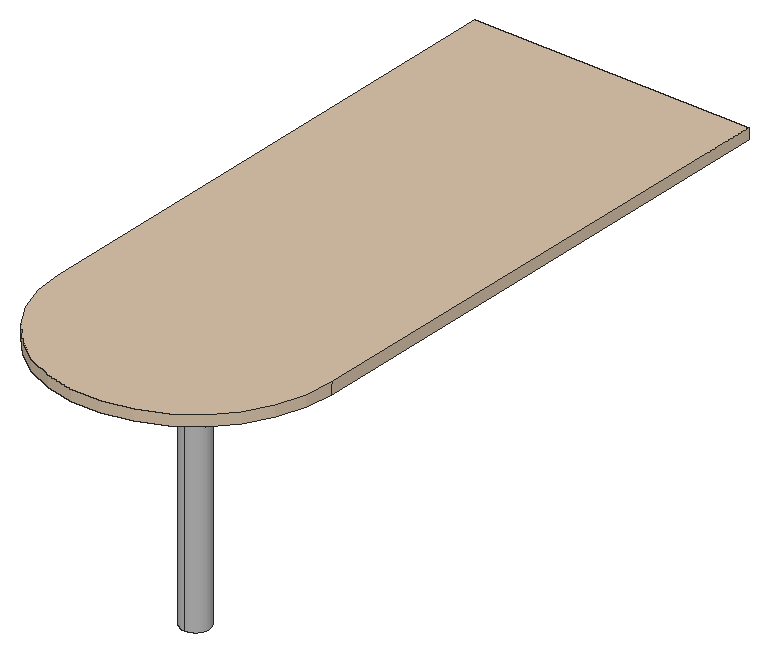
Revit family "Haworth_UniGroupToo_DShapedConvergent", category Furniture Systems, Revit 2018
Family settings
  Round Connector Dimension = Use Diameter
  Part Type = Normal
  OmniClass Number = 23.40.70.14.64.21.21
  OmniClass Title = Desk System
  Work Plane-Based = No
  Always vertical = Yes
  Cut with Voids When Loaded = No
  Shared = No
  Room Calculation Point = No
Parameters (values of type "30w 72L")
  Worksurface Finish = Haworth _ Wood _ White Oak
  Worksurface Edge Finish = Haworth _ Wood _ White Oak
  Warranty = "http://www.haworth.com/resources/product-info/warranties"
  URL - Product = "http://www.haworth.com/products/workspaces/panel-based/unigroup-too"
  Sustainability Info = "http://www.haworth.com/company-info/sustainability"
  Support Finish = Haworth _ Paint _ Metallic Champagne
  Support Column = yes
  Standard Worksurface Thickness = not(Deep Worksurface Thickness)  # yes
  Radius = Actual Width / 2  # 15"
  Model = "Haworth - UniGroupToo - D Shaped Convergent"  # constant formula
  Min. Height = 26"  # constant formula
  Max. Height = 42"  # constant formula
  Leg Location = 15"  # constant formula
  Type Comments = ""
  Length = 72"
  URL = "www.haworth.com"
  Support Height = Actual Height - Top Thickness  # 27 13/16"
  Size = "Verify Final Dim. w/ Haworth"  # constant formula
  Revision Number = "2"  # constant formula
  Standard Length = "36-72 in. @ 6 in. increments"  # constant formula
  Standard Widths = "18,24,30 in."  # constant formula
  Min. Width = 36"  # constant formula
  Max. Width = 72"  # constant formula
  Min. Depth = 18"  # constant formula
  Max. Depth = 36"  # constant formula
  Manufacturer = "Haworth"  # constant formula
  Height = 29"
  End Support Location = 1 3/4"  # constant formula
  Description = "Haworth - UniGroupToo - D Shaped Convergent"  # constant formula
  Width = 30"
  Deep Worksurface Thickness = no
  Custom Size = not(and(and(not(Height > 32"), not(Height < 26")), or(Width = 18", Width = 24", Width = 30", Width = 36"), or(Length = 42", Length = 48", Length = 54", Length = 60", Length = 66", Length = 72", Length = 78", Length = 84", Length = 90", Length = 96")))  # no
  Author = "Haworth(Hampton), SHAPE Environments, LLC"  # constant formula
  Assembly Code = "E2020200"
  Actual Width = if(Width > Max. Depth, Max. Depth, if(Width < Min. Depth, Min. Depth, Width))  # 30"
  Actual Length = if(Length > Max. Width, Max. Width, if(Length < Min. Width, Min. Width, Length))  # 72"
  Actual Height = if(Height > Max. Height, Max. Height, if(Height < Min. Height, Min. Height, Height))  # 29"
  Top Thickness = if(Deep Worksurface Thickness, 2", 1 3/16")  # 1 3/16"
Reference planes (in)
  plane 1 "Center F/B": y = 0
  plane 2 "Floor": z = 0
  plane 3 "Center L/R": x = 0
  plane 4 "Left": y = -36
  plane 5 "Right": y = 36
  plane 6 "Table Edge Back": x = 15
  plane 7 "Table Edge Front": x = -15
  plane 8 "Top": z = 29
  plane 9 "Top Bottom": z = 27.8125
  plane 10 "Masking Region": z = 27
  plane 11: y = -21
Forms (in)
  Extrusion 1, solid, material "Haworth _ Wood _ White Oak" <- "Worksurface Finish"
    sketch origin (0, 0, 0) x (0, 1, 0) y (-1, 0, 0)
      loop
        line (36, 15) -> (-21, 15)
        arc (-21, 15) -> (-36, 0) -> (-21, -15) r 15
        line (-21, -15) -> (36, -15) -> (36, 15)
    from 27.8125 to 29
Lines and regions (in)
  Masking region 1
    outline origin (0, 0, 27) x (0, -1, 0) y (1, 0, 0)
      loop
        line (-36, -15) -> (21, -15)
        arc (21, -15) -> (36, 0) -> (21, 15) r 15
        line (21, 15) -> (-36, 15) -> (-36, -15)
Dimensions and locks (in)
  "Actual Width": plane 7 "Table Edge Front" to plane 6 "Table Edge Back"
  "Actual Length": plane 4 "Left" to plane 5 "Right"
  "Actual Height": plane 8 "Top" to level
  "Top Thickness": plane 8 "Top" to plane 9 "Top Bottom"
  equal spacing: plane 7 "Table Edge Front", plane 3 "Center L/R", plane 6 "Table Edge Back"
  equal spacing: plane 5 "Right", plane 1 "Center F/B", plane 4 "Left"
  locked: plane 8 "Top" to plane 10 "Masking Region" at 2
  "Radius": plane 4 "Left" to plane 11
  aligned and locked: Extrusion 1 sketch curve to plane 6 "Table Edge Back"
  aligned and locked: plane 7 "Table Edge Front" to Extrusion 1 sketch curve
  aligned and locked: plane 5 "Right" to Extrusion 1 sketch curve
  aligned and locked: Extrusion 1 to plane 8 "Top"
  aligned and locked: plane 9 "Top Bottom" to Extrusion 1
  aligned and locked: plane 3 "Center L/R" to nested 1
  aligned and locked: Masking region 1 sketch curve to plane 5 "Right"
  aligned and locked: nested 1 to plane 11
Automatic sketch dimensions
  plane 11 to Extrusion 1 sketch curve = 0"
  plane 11 to Masking region 1 sketch curve = 0"
  Masking region 1 sketch curve to plane 7 "Table Edge Front" = 0"
  Masking region 1 sketch curve to plane 3 "Center L/R" = 0"
Nested families (in)
  nested 1: "Haworth_Worksurface-Support_Part-Round" at (5.5, -21, 0) x (0, 1, 0) z (0, 0, 1), type "Base"
    with Disc Base no
  nested 2: "Haworth_Worksurface-Support_Part-Leg" at (-20.5, -5.76069, 0), type "Support"
  nested 3: "Haworth_Worksurface-Support_Part-Leg" at (20.5, -5.76069, 0) x (-1, 0, 0) z (0, 0, 1), type "Support"
Definition of nested family "Haworth_Worksurface-Support_Part-Round"
  Parameters
    Warranty = ""
    URL - Product = ""
    URL = "www.haworth.com"
    Support Column = yes
    Leg Height = 27 13/16"
    Disc Radius = 10 1/2"
    Disc Base = yes
    Base Finish = none
    Sustainability Info = ""
    Size = "Verify Final Dim. w/ Haworth"  # constant formula
    Revision Number = ""
    OmniClass Number = ""
    Material Options = ""
    Manufacturer = "Haworth"  # constant formula
    LEED Data = ""
    Author = "SHAPE Environments, LLC"  # constant formula
    Assembly Code = ""
  Reference planes (in)
    plane 1 "Center F/B": y = 5.5
    plane 2: z = 0
    plane 3 "Center L/R": x = 0
    plane 4 "Table Bottom": z = 27.8125
  Forms (in)
    Revolve 1, solid, material <- "Base Finish", visible <- "Disc Base"
      sketch origin (0, 5.5, 0) x (1, 0, 0) y (0, 0, 1)
        loop
          line (0, 27.8125) -> (-1.5, 27.8125) -> (-1.5, 1.25) -> (-3.53244, 1.25) -> (-4.28244, 0.5) -> (-10.5, 0.5) -> (-10.5, 0) -> (0, 0) -> (0, 27.8125)
        axis (0, 27.8125) -> (0, 0)
      angle from 0 to 360
    Revolve 2, solid, material <- "Base Finish", visible <- "Support Column"
      sketch origin (0, 5.5, 0) x (1, 0, 0) y (0, 0, 1)
        loop
          line (0, 27.8125) -> (-1.5, 27.8125) -> (-1.5, 0) -> (0, 0) -> (0, 27.8125)
        axis (0, 27.8125) -> (0, 0)
      angle from 0 to 360
  Lines and regions (in)
    symbolic lines, visible <- "Disc Base", detail levels fine
      curve 1: circle (0, 5.5, 0) r 10.5 normal (0, 0, 1)
      curve 3: circle (0, 5.5, 0) r 1.5 normal (0, 0, 1)
    symbolic lines, visible <- "Support Column", detail levels fine
      curve 2: circle (0, 5.5, 0) r 1.5 normal (0, 0, 1)
  Dimensions and locks (in)
    "Disc Radius": plane 3 "Center L/R" to Revolve 1 sketch curve
    "Leg Height": plane 4 "Table Bottom" to level
    plane 3 "Center L/R" to Revolve 1 sketch curve = 1 1/2"
    locked: plane 3 "Center L/R" to Revolve 2 sketch curve at 1.5
    aligned and locked: Revolve 1 to plane 4 "Table Bottom"  (x2)
  Automatic sketch dimensions
    Revolve 1 sketch curve to level = 0"
    Revolve 1 sketch curve to plane 4 "Table Bottom" = 0"
    Revolve 1 sketch curve to plane 3 "Center L/R" = 0"  (x2)
    Revolve 1 sketch curve to Revolve 1 sketch curve = 2.03244"
    level to Revolve 1 sketch curve = 1/2"
    Revolve 1 sketch curve to Revolve 1 sketch curve = 3/4"
    Revolve 1 sketch curve to Revolve 1 sketch curve = 6.24462"
    level to Revolve 1 sketch curve = 1 1/4"
    Revolve 1 sketch curve to Revolve 1 sketch curve = 7.21204"
    Revolve 2 sketch curve to plane 4 "Table Bottom" = 0"
    Revolve 2 sketch curve to plane 3 "Center L/R" = 0"  (x2)
    Revolve 2 sketch curve to Revolve 2 sketch curve = 6.24462"
    Revolve 2 sketch curve to Revolve 2 sketch curve = 7.21204"
    Revolve 2 sketch curve to level = 0"
    curve 1 to curve 2 = 0"  (x2)
    curve 1 to curve 3 = 0"  (x2)
    curve 2 to curve 3 = 0"  (x2)
    plane 1 "Center F/B" to curve 2 = 0"
    curve 2 to plane 3 "Center L/R" = 0"
    radius of curve 1 = 10 1/2"
    radius of curve 2 = 1 1/2"
    radius of curve 3 = 1 1/2"
Definition of nested family "Haworth_Worksurface-Support_Part-Leg"
  Parameters
    Top Thickness = 1 3/16"
    Support Post Standard = no
    Support Post 45 Degree = no
    Support Height = Actual Height - Top Thickness  # 27 13/16"
    Model = "Worksurface"
    Worksurface Height = 29"
    Warranty = "www.haworth.com/en-us/Products/Pages/Certifications.aspx"
    URL - Product = "www.haworth.com/en-us/Products/Furniture/Systems/Desking-Systems/Pages/Compose.aspx"
    URL = "www.haworth.com"
    Sustainability Info = "www.haworth.com/en-us/About-Us/Sustainability/Pages/Vision.aspx"
    Support Finish = none
    Size = "Verify Final Dim. w/ Haworth"  # constant formula
    Revision Number = "1"  # constant formula
    Min/Max Height = "26-32 in."  # constant formula
    Min. Height = 20"  # constant formula
    Max. Height = 48"  # constant formula
    Manufacturer = "Haworth"  # constant formula
    LEED Data = "www.haworth.com/_layouts/Haworth.ProductCatalog/Handlers/GetAsset.ashx/ComposeLEEDContributions.pdf?cid=27&rid=1824&type=Leed"
    Description = "Worksurface Support"  # constant formula
    Author = "SHAPE Environments, LLC"  # constant formula
    Assembly Code = "E2020200"
    Actual Top Thickness = if(Top Thickness > 3", 3", if(Top Thickness < 1", 1", Top Thickness))  # 1 3/16"
    Actual Height = 29"
  Reference planes (in)
    plane 1: z = 0
    plane 2 "Center L/R": x = 8.5
    plane 3 "Support Top": z = 27.8125
    plane 4 "Center F/B": y = -21.23931
  Forms (in)
    Extrusion 1, solid, material <- "Support Finish", visible <- "Support Post Standard"
      sketch origin (0, 0, 0) x (1, 0, 0) y (0, 1, 0)
        loop
          line (7.75, -22.86431) -> (9.25, -22.86431) -> (9.25, -19.61431) -> (7.75, -19.61431) -> (7.75, -22.86431)
      from 0 to 27.8125
    Extrusion 2, solid, material <- "Support Finish", visible <- "Support Post 45 Degree"
      sketch origin (17.50805, -0.21044, 0) x (0.707107, -0.707107, 0) y (0.707107, 0.707107, 0)
        loop
          line (7.75, -22.86431) -> (9.25, -22.86431) -> (9.25, -19.61431) -> (7.75, -19.61431) -> (7.75, -22.86431)
      from 0 to 27.8125
  Lines and regions (in)
    symbolic lines, visible <- "Support Post Standard", detail levels fine
      curve 1: line (7.75, -19.61431, 0) -> (9.25, -19.61431, 0)
      curve 2: line (7.75, -22.86431, 0) -> (7.75, -19.61431, 0)
      curve 3: line (9.25, -22.86431, 0) -> (7.75, -22.86431, 0)
      curve 4: line (9.25, -19.61431, 0) -> (9.25, -22.86431, 0)
    symbolic lines, visible <- "Support Post 45 Degree", detail levels fine
      curve 5: line (6.82062, -21.85803, 0) -> (9.11872, -19.55993, 0)
      curve 6: line (9.11872, -19.55993, 0) -> (10.17938, -20.62059, 0)
      curve 7: line (10.17938, -20.62059, 0) -> (7.88128, -22.91869, 0)
      curve 8: line (7.88128, -22.91869, 0) -> (6.82062, -21.85803, 0)
  Dimensions and locks (in)
    "Support Height": plane 3 "Support Top" to level
    aligned and locked: plane 3 "Support Top" to Extrusion 1
    aligned and locked: plane 3 "Support Top" to Extrusion 2
  Automatic sketch dimensions
    Extrusion 1 sketch curve to plane 4 "Center F/B" = 1 5/8"
    plane 2 "Center L/R" to Extrusion 1 sketch curve = 3/4"
    Extrusion 1 sketch curve to plane 2 "Center L/R" = 3/4"
    plane 4 "Center F/B" to Extrusion 1 sketch curve = 1 5/8"
    plane 2 "Center L/R" to Extrusion 2 sketch curve = 0.61872"
    Extrusion 2 sketch curve to plane 4 "Center F/B" = 1.67938"
    Extrusion 2 sketch curve to Extrusion 2 sketch curve = 1 1/2"
    Extrusion 2 sketch curve to Extrusion 2 sketch curve = 3 1/4"
    plane 4 "Center F/B" to curve 5 = 0.61872"
    curve 2 to plane 2 "Center L/R" = 3/4"
    curve 2 to curve 7 = 0.13128"
    plane 2 "Center L/R" to curve 6 = 0.61872"
    curve 5 to curve 4 = 0.13128"
    curve 6 to plane 4 "Center F/B" = 0.61872"
    curve 1 to curve 6 = 0.92938"
    curve 7 to curve 2 = 0.05438"
    curve 1 to curve 5 = 0.05438"
